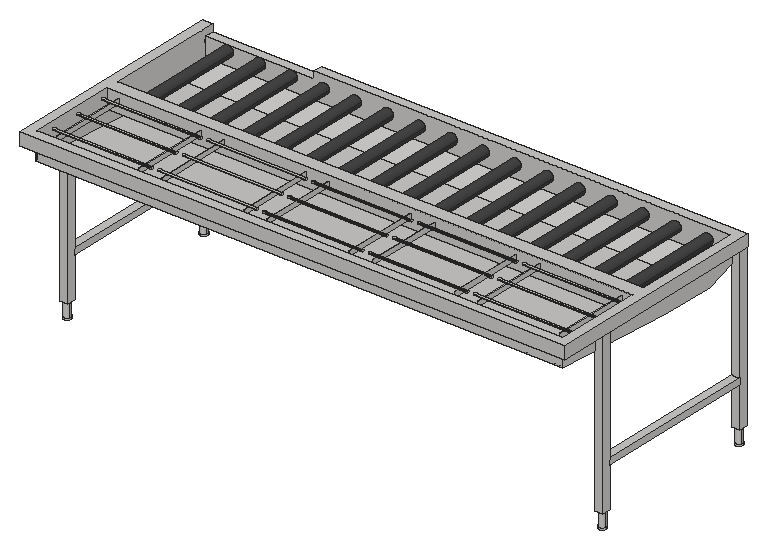
Revit family "QF_ELECTROLUXPROFESSIONAL_865296_HSMSF5RL", category Specialty Equipment, Revit 2018
Family settings
  Round Connector Dimension = Use Diameter
  Part Type = Normal
  Work Plane-Based = No
  Always vertical = Yes
  Cut with Voids When Loaded = No
  Shared = No
  Room Calculation Point = No
Parameters
  Weight = 0.00 kg
  Watts = 0 W
  Volts = 0 V
  URL Manufacturer = ""
  Steam Supply Size = 0 mm
  Steam Supply Minimum Pressure = 0.0 Pa
  Steam Supply Maximum Pressure = 0.0 Pa
  Steam Pounds per Hour = 0
  Refrigeration Suction Line Size = 0 mm
  Refrigeration Liquid Line Size = 0 mm
  Refrigerant Compressor Remote = yes
  Phase = 0
  Length Actual = 0 mm
  Item Number = ""
  Hot Water Size = 0 mm
  Height Actual = 0 mm
  HP = ""
  Gas Size = 0 mm
  Gas KW = 0
  Gas Input Pressure = 0 W
  Depth Actual = 0 mm
  Cycle = 0 Hz
  Condensate Return Size = 0 mm
  Compressed Air Volume = 0.0 L/s
  Compressed Air Size = 0 mm
  Compressed Air Pressure = 0.0 Pa
  Cold Water Size = 0 mm
  Accessory = yes
Reference planes
  plane 1: z = 0
  plane 2 "RIGHT": x = 1320
  plane 3: z = 910
  plane 4: z = 0
  plane 5: z = 300
  plane 6 "BACK": y = 310
  plane 7 "FRONT": y = -800
  plane 8 "LEFT": x = -1320
  plane 9 "Center": x = -1010
Forms (mm)
  Extrusion 1, solid, material "QF_Finishes_Stainless Steel"
    sketch origin (0, 0, 0) x (-1, 0, 0) y (0, -1, 0)
      loop
        line (1320, 800) -> (-1320, 800) -> (-1320, -310) -> (745, -310) -> (745, -265) -> (-1275, -265) -> (-1275, 755) -> (1275, 755) -> (1275, -310) -> (1320, -310) -> (1320, 800)
    from 850.091 to 910
  Extrusion 2, solid, material "QF_Finishes_Stainless Steel"
    sketch origin (0, 0, 0) x (0, 1, 0) y (0, 0, -1)
      loop
        line (-756.248, -850.091) -> (-755, -850.091) -> (-755, -784.848) -> (-131.111, -741.138) -> (130.374, -741.138) -> (265, -784.879) -> (265, -850.091) -> (266.249, -850.091) -> (266.249, -782.13) -> (130.849, -738.138) -> (-131.216, -738.138) -> (-756.248, -781.928) -> (-756.248, -850.091)
    from -1275 to 1275
  Revolve 3, solid, material "QF_Finishes_Stainless Steel"
    sketch origin (-0.025, 0.526, -123.199) x (-1, 0, 0) y (0, 0, -1)
      loop
        line (76.494, -861.337) -> (76.494, -847.59)
        arc (76.494, -847.59) -> (75.89, -845.987) -> (74.39, -845.16) r 2.474
        arc (74.39, -845.16) -> (71.083, -841.301) -> (74.377, -837.43) r 3.913
        arc (74.377, -837.43) -> (75.887, -836.598) -> (76.494, -834.985) r 2.49
        line (76.494, -834.985) -> (76.494, -794.661)
        arc (76.494, -794.661) -> (65.844, -763.962) -> (38.457, -746.476) r 49.516
        line (38.457, -746.476) -> (38.457, -743.987) -> (37.25, -742.336) -> (37.25, -740.749) -> (23.47, -734.749) -> (23.47, -698.838) -> (21.946, -697.377) -> (0, -697.377) -> (0, -861.337) -> (76.494, -861.337)
      axis (0, -861.337) -> (0, -697.377)
    angle from 0 to 360
  Extrusion 4, solid, material "QF_Finishes_Stainless Steel"
    sketch origin (0, 0, 0) x (-1, 0, 0) y (0, -1, 0)
      loop
        line (-1275, 330.124) -> (-1275, 265) -> (1275, 265) -> (1275, 330.124) -> (-1275, 330.124)
    from 820 to 910
  Extrusion 5, solid, material "QF_Finishes_Stainless Steel"
    sketch origin (6.015, 0, -602.691) x (-1, 0, 0) y (0, -1, 0)
      loop
        line (1283.015, -266.249) -> (1323.015, -266.249) -> (1323.015, 521.738) -> (1283.015, 521.738) -> (1283.015, -266.249)
    from 872.691 to 902.691
  Extrusion 6, solid, material "QF_Finishes_Stainless Steel"
    sketch origin (-1277, 0, 0) x (0, 1, 0) y (0, 0, -1)
      loop
        line (-756.248, -781.928) -> (-756.248, -850.091) -> (266.249, -850.091) -> (266.249, -782.13) -> (130.849, -738.138) -> (-131.216, -738.138) -> (-756.248, -781.928)
    from 0 to -2
  Extrusion 7, solid, material "QF_Finishes_Stainless Steel"
    sketch origin (1277, 0, 0) x (0, 1, 0) y (0, 0, 1)
      loop
        line (-756.248, 850.091) -> (-756.248, 781.928) -> (-131.216, 738.138) -> (130.849, 738.138) -> (266.249, 782.13) -> (266.249, 850.091) -> (-756.248, 850.091)
    from 0 to -2
  Extrusion 8, solid, material "QF_Finishes_Stainless Steel"
    sketch origin (-6, 0.054, -598.981) x (1, 0, 0) y (0, 1, 0)
      loop
        line (1283, 266.195) -> (1283, -521.792) -> (1323, -521.792) -> (1323, 266.195) -> (1283, 266.195)
    from 869.081 to 898.981
  Extrusion 9, solid, material "QF_Finishes_Black"
    sketch origin (0, -2.5, 0) x (-1, 0, 0) y (0, 0, 1)
      loop
        circle (1162.5, 850.047) r 25
      loop
        circle (1007.5, 850.047) r 25
      loop
        circle (852.5, 850.047) r 25
      loop
        circle (697.5, 850.047) r 25
      loop
        circle (542.5, 850.047) r 25
      loop
        circle (387.5, 850.047) r 25
      loop
        circle (232.5, 850.047) r 25
      loop
        circle (77.5, 850.047) r 25
      loop
        circle (-77.5, 850.047) r 25
      loop
        circle (-232.5, 850.047) r 25
      loop
        circle (-387.5, 850.047) r 25
      loop
        circle (-542.5, 850.047) r 25
      loop
        circle (-697.5, 850.047) r 25
      loop
        circle (-852.5, 850.047) r 25
      loop
        circle (-1007.5, 850.047) r 25
      loop
        circle (-1162.5, 850.047) r 25
    from -262.5 to 267.5
  Extrusion 10, solid, material "QF_Finishes_Stainless Steel"
    sketch origin (0, -7.263, 2.863) x (-1, 0, 0) y (0, -1, 0)
      loop
        line (-1220.049, 694.438) -> (-1220.049, 322.861) -> (-1217.001, 322.861) -> (-1217.001, 694.438) -> (-1220.049, 694.438)
      loop
        line (-823.039, 694.438) -> (-823.039, 322.861) -> (-819.991, 322.861) -> (-819.991, 694.438) -> (-823.039, 694.438)
      loop
        line (-200.029, 694.438) -> (-200.029, 322.861) -> (-196.981, 322.861) -> (-196.981, 694.438) -> (-200.029, 694.438)
      loop
        line (196.981, 694.438) -> (196.981, 322.861) -> (200.029, 322.861) -> (200.029, 694.438) -> (196.981, 694.438)
      loop
        line (-710.007, 694.438) -> (-710.007, 322.861) -> (-707.023, 322.861) -> (-707.023, 694.438) -> (-710.007, 694.438)
      loop
        line (-312.998, 694.438) -> (-312.998, 322.861) -> (-310.013, 322.861) -> (-310.013, 694.438) -> (-312.998, 694.438)
      loop
        line (1220.049, 694.438) -> (1217.001, 694.438) -> (1217.001, 322.861) -> (1220.049, 322.861) -> (1220.049, 694.438)
      loop
        line (823.039, 694.438) -> (819.991, 694.438) -> (819.991, 322.861) -> (823.039, 322.861) -> (823.039, 694.438)
      loop
        line (710.007, 694.438) -> (707.023, 694.438) -> (707.023, 322.861) -> (710.007, 322.861) -> (710.007, 694.438)
      loop
        line (312.997, 694.438) -> (310.013, 694.438) -> (310.013, 322.861) -> (312.997, 322.861) -> (312.997, 694.438)
    from 860 to 881.896
  Extrusion 11, solid, material "QF_Finishes_Stainless Steel"
    sketch origin (-2327.512, 265, 0) x (0, 1, 0) y (0, 0, 1)
      loop
        circle (-937.158, 888.745) r 3.985
      loop
        circle (-788.819, 888.745) r 3.985
      loop
        circle (-640.48, 888.745) r 3.985
    from 1067.5 to 1547.5
  Extrusion 12, solid, material "QF_Finishes_Stainless Steel"
    sketch origin (-1817.533, 265, 0) x (0, 1, 0) y (0, 0, 1)
      loop
        circle (-937.158, 888.745) r 3.985
      loop
        circle (-788.819, 888.745) r 3.985
      loop
        circle (-640.48, 888.745) r 3.985
    from 1067.5 to 1547.5
  Extrusion 13, solid, material "QF_Finishes_Stainless Steel"
    sketch origin (-1307.491, 265, 0) x (0, 1, 0) y (0, 0, 1)
      loop
        circle (-937.158, 888.745) r 3.985
      loop
        circle (-788.819, 888.745) r 3.985
      loop
        circle (-640.48, 888.745) r 3.985
    from 1067.5 to 1547.5
  Extrusion 14, solid, material "QF_Finishes_Stainless Steel"
    sketch origin (-797.513, 265, 0) x (0, 1, 0) y (0, 0, 1)
      loop
        circle (-937.158, 888.745) r 3.985
      loop
        circle (-788.819, 888.745) r 3.985
      loop
        circle (-640.48, 888.745) r 3.985
    from 1067.5 to 1547.5
  Extrusion 15, solid, material "QF_Finishes_Stainless Steel"
    sketch origin (-287.471, 265, 0) x (0, 1, 0) y (0, 0, 1)
      loop
        circle (-937.158, 888.745) r 3.985
      loop
        circle (-788.819, 888.745) r 3.985
      loop
        circle (-640.48, 888.745) r 3.985
    from 1067.5 to 1547.5
  Extrusion 16, solid, material "QF_Finishes_Stainless Steel"
    sketch origin (-1062.5, 757.022, 0) x (-1, 0, 0) y (0, 0, 1)
      loop
        line (-362.5, 835) -> (-347.5, 820) -> (242.5, 820) -> (257.5, 835) -> (257.5, 850.091) -> (212.5, 850.091) -> (212.5, 875) -> (-317.5, 875) -> (-317.5, 850.091) -> (-362.5, 850.091) -> (-362.5, 835)
    from -450 to -447.022
  Extrusion 17, solid, material "QF_Finishes_Stainless Steel"
    sketch origin (-1275, -2290.751, 0) x (0, 1, 0) y (0, 0, 1)
      loop
        line (2597.773, 875) -> (2557, 875) -> (2557, 872) -> (2597.773, 872) -> (2597.773, 875)
    from 0 to 530
  Extrusion 18, solid, material "QF_Finishes_Stainless Steel"
    sketch origin (-1062.5, 713.272, 0) x (-1, 0, 0) y (0, 0, 1)
      loop
        line (-317.5, 850.091) -> (212.5, 850.091) -> (212.5, 875) -> (-317.5, 875) -> (-317.5, 850.091)
    from -448.272 to -447.022
Cuts and joins
  joined: Extrusion 1, Extrusion 2, Revolve 3, Extrusion 4, Extrusion 6, Extrusion 7, Extrusion 10, Extrusion 11, Extrusion 12, Extrusion 13, Extrusion 14, Extrusion 15, Extrusion 16, Extrusion 17, Extrusion 18
Lines and regions (mm)
  Split face 1
    outline origin (0, -123.728, 741.138) x (0, 1, 0) y (-1, 0, 0)
      loop
        circle (123.685, -0.035) r 73.783
  Split face 2
    outline origin (0, -123.728, 741.138) x (0, 1, 0) y (-1, 0, 0)
      loop
        circle (123.685, -0.035) r 66.01
  Split face 3
    outline origin (0, -123.728, 741.138) x (0, 1, 0) y (-1, 0, 0)
      loop
        circle (123.685, -0.035) r 53.774
  Split face 4
    outline origin (0, -123.728, 741.138) x (0, 1, 0) y (-1, 0, 0)
      loop
        circle (123.685, -0.035) r 50.771
  Split face 5
    outline origin (0, -123.728, 741.138) x (0, 1, 0) y (-1, 0, 0)
      loop
        circle (123.685, -0.035) r 33.793
  Split face 6
    outline origin (0, -123.728, 741.138) x (0, 1, 0) y (-1, 0, 0)
      loop
        circle (123.685, -0.035) r 30.826
  Split face 7
    outline origin (0, -123.728, 741.138) x (0, 1, 0) y (-1, 0, 0)
      loop
        circle (123.685, -0.035) r 13.843
  Split face 8
    outline origin (0, -123.728, 741.138) x (0, 1, 0) y (-1, 0, 0)
      loop
        circle (123.685, -0.035) r 10.833
  symbolic lines
    curve 1: line (-1320, 310, 0) -> (1320, 310, 0)
    curve 2: line (-1320, -800, 0) -> (-1320, 310, 0)
    curve 3: line (1320, -800, 0) -> (-1320, -800, 0)
    curve 4: line (1320, 310, 0) -> (1320, -800, 0)
    curve 5: line (-1275, 265, 0) -> (1275, 265, 0)
    curve 6: line (-1275, -755, 0) -> (-1275, 310, 0)
    curve 7: line (1275, -755, 0) -> (-1275, -755, 0)
    curve 8: line (1275, -265, 0) -> (1275, -755, 0)
    curve 9: line (-1275, -265, 0) -> (1275, -265, 0)
    curve 10: line (1275, -330.124, 0) -> (-1275, -330.124, 0)
    curve 11: line (-1260.012, -371.495, 0) -> (-1260.012, -379.465, 0)
    curve 12: line (-1260.012, -379.465, 0) -> (-780.012, -379.465, 0)
    curve 13: line (-780.012, -379.465, 0) -> (-780.012, -371.495, 0)
    curve 14: line (-780.012, -371.495, 0) -> (-1260.012, -371.495, 0)
    curve 15: line (-1260.012, -519.834, 0) -> (-1260.012, -527.804, 0)
    curve 16: line (-1260.012, -527.804, 0) -> (-780.012, -527.804, 0)
    curve 17: line (-780.012, -527.804, 0) -> (-780.012, -519.834, 0)
    curve 18: line (-780.012, -519.834, 0) -> (-1260.012, -519.834, 0)
    curve 19: line (-1260.012, -668.173, 0) -> (-1260.012, -676.143, 0)
    curve 20: line (-1260.012, -676.143, 0) -> (-780.012, -676.143, 0)
    curve 21: line (-780.012, -676.143, 0) -> (-780.012, -668.173, 0)
    curve 22: line (-780.012, -668.173, 0) -> (-1260.012, -668.173, 0)
    curve 23: line (-1220.049, -330.124, 0) -> (-1220.049, -371.495, 0)
    curve 24: line (-1217.001, -330.124, 0) -> (-1217.001, -371.495, 0)
    curve 25: line (-1220.049, -379.465, 0) -> (-1220.049, -519.834, 0)
    curve 26: line (-1220.049, -701.7, 0) -> (-1220.049, -676.143, 0)
    curve 27: line (-1220.049, -701.7, 0) -> (-1217.001, -701.7, 0)
    curve 28: line (-1217.001, -701.7, 0) -> (-1217.001, -676.143, 0)
    curve 29: line (-1220.049, -668.173, 0) -> (-1220.049, -527.804, 0)
    curve 30: line (-1217.001, -527.804, 0) -> (-1217.001, -668.173, 0)
    curve 31: line (-1217.001, -519.834, 0) -> (-1217.001, -379.465, 0)
    curve 32: line (-823.039, -330.124, 0) -> (-823.039, -371.495, 0)
    curve 33: line (-819.992, -330.124, 0) -> (-819.992, -371.495, 0)
    curve 34: line (-823.039, -379.465, 0) -> (-823.039, -519.834, 0)
    curve 35: line (-823.039, -701.7, 0) -> (-823.039, -676.143, 0)
    curve 36: line (-823.039, -701.7, 0) -> (-819.992, -701.7, 0)
    curve 37: line (-819.992, -701.7, 0) -> (-819.992, -676.143, 0)
    curve 38: line (-823.039, -668.173, 0) -> (-823.039, -527.804, 0)
    curve 39: line (-819.992, -527.804, 0) -> (-819.992, -668.173, 0)
    curve 40: line (-819.992, -519.834, 0) -> (-819.992, -379.465, 0)
    curve 41: line (-750.033, -371.495, 0) -> (-750.033, -379.465, 0)
    curve 42: line (-750.033, -379.465, 0) -> (-270.033, -379.465, 0)
    curve 43: line (-270.033, -379.465, 0) -> (-270.033, -371.495, 0)
    curve 44: line (-270.033, -371.495, 0) -> (-750.033, -371.495, 0)
    curve 45: line (-750.033, -519.834, 0) -> (-750.033, -527.804, 0)
    curve 46: line (-750.033, -527.804, 0) -> (-270.033, -527.804, 0)
    curve 47: line (-270.033, -527.804, 0) -> (-270.033, -519.834, 0)
    curve 48: line (-270.033, -519.834, 0) -> (-750.033, -519.834, 0)
    curve 49: line (-750.033, -668.173, 0) -> (-750.033, -676.143, 0)
    curve 50: line (-750.033, -676.143, 0) -> (-270.033, -676.143, 0)
    curve 51: line (-270.033, -676.143, 0) -> (-270.033, -668.173, 0)
    curve 52: line (-270.033, -668.173, 0) -> (-750.033, -668.173, 0)
    curve 53: line (-710.071, -330.124, 0) -> (-710.071, -371.495, 0)
    curve 54: line (-707.023, -330.124, 0) -> (-707.023, -371.495, 0)
    curve 55: line (-710.071, -379.465, 0) -> (-710.071, -519.834, 0)
    curve 56: line (-710.071, -701.7, 0) -> (-710.071, -676.143, 0)
    curve 57: line (-710.071, -701.7, 0) -> (-707.023, -701.7, 0)
    curve 58: line (-707.023, -701.7, 0) -> (-707.023, -676.143, 0)
    curve 59: line (-710.071, -668.173, 0) -> (-710.071, -527.804, 0)
    curve 60: line (-707.023, -527.804, 0) -> (-707.023, -668.173, 0)
    curve 61: line (-707.023, -519.834, 0) -> (-707.023, -379.465, 0)
    curve 62: line (-313.061, -330.124, 0) -> (-313.061, -371.495, 0)
    curve 63: line (-310.013, -330.124, 0) -> (-310.013, -371.495, 0)
    curve 64: line (-313.061, -379.465, 0) -> (-313.061, -519.834, 0)
    curve 65: line (-313.061, -701.7, 0) -> (-313.061, -676.143, 0)
    curve 66: line (-313.061, -701.7, 0) -> (-310.013, -701.7, 0)
    curve 67: line (-310.013, -701.7, 0) -> (-310.013, -676.143, 0)
    curve 68: line (-313.061, -668.173, 0) -> (-313.061, -527.804, 0)
    curve 69: line (-310.013, -527.804, 0) -> (-310.013, -668.173, 0)
    curve 70: line (-310.013, -519.834, 0) -> (-310.013, -379.465, 0)
    curve 71: line (-239.991, -371.495, 0) -> (-239.991, -379.465, 0)
    curve 72: line (-239.991, -379.465, 0) -> (240.009, -379.465, 0)
    curve 73: line (240.009, -379.465, 0) -> (240.009, -371.495, 0)
    curve 74: line (240.009, -371.495, 0) -> (-239.991, -371.495, 0)
    curve 75: line (-239.991, -519.834, 0) -> (-239.991, -527.804, 0)
    curve 76: line (-239.991, -527.804, 0) -> (240.009, -527.804, 0)
    curve 77: line (240.009, -527.804, 0) -> (240.009, -519.834, 0)
    curve 78: line (240.009, -519.834, 0) -> (-239.991, -519.834, 0)
    curve 79: line (-239.991, -668.173, 0) -> (-239.991, -676.143, 0)
    curve 80: line (-239.991, -676.143, 0) -> (240.009, -676.143, 0)
    curve 81: line (240.009, -676.143, 0) -> (240.009, -668.173, 0)
    curve 82: line (240.009, -668.173, 0) -> (-239.991, -668.173, 0)
    curve 83: line (-200.029, -330.124, 0) -> (-200.029, -371.495, 0)
    curve 84: line (-196.981, -330.124, 0) -> (-196.981, -371.495, 0)
    curve 85: line (-200.029, -379.465, 0) -> (-200.029, -519.834, 0)
    curve 86: line (-200.029, -701.7, 0) -> (-200.029, -676.143, 0)
    curve 87: line (-200.029, -701.7, 0) -> (-196.981, -701.7, 0)
    curve 88: line (-196.981, -701.7, 0) -> (-196.981, -676.143, 0)
    curve 89: line (-200.029, -668.173, 0) -> (-200.029, -527.804, 0)
    curve 90: line (-196.981, -527.804, 0) -> (-196.981, -668.173, 0)
    curve 91: line (-196.981, -519.834, 0) -> (-196.981, -379.465, 0)
    curve 92: line (196.981, -330.124, 0) -> (196.981, -371.495, 0)
    curve 93: line (200.029, -330.124, 0) -> (200.029, -371.495, 0)
    curve 94: line (196.981, -379.465, 0) -> (196.981, -519.834, 0)
    curve 95: line (196.981, -701.7, 0) -> (196.981, -676.143, 0)
    curve 96: line (196.981, -701.7, 0) -> (200.029, -701.7, 0)
    curve 97: line (200.029, -701.7, 0) -> (200.029, -676.143, 0)
    curve 98: line (196.981, -668.173, 0) -> (196.981, -527.804, 0)
    curve 99: line (200.029, -527.804, 0) -> (200.029, -668.173, 0)
    curve 100: line (200.029, -519.834, 0) -> (200.029, -379.465, 0)
    curve 101: line (269.987, -371.495, 0) -> (269.987, -379.465, 0)
    curve 102: line (269.987, -379.465, 0) -> (749.987, -379.465, 0)
    curve 103: line (749.987, -379.465, 0) -> (749.987, -371.495, 0)
    curve 104: line (749.987, -371.495, 0) -> (269.987, -371.495, 0)
    curve 105: line (269.987, -519.834, 0) -> (269.987, -527.804, 0)
    curve 106: line (269.987, -527.804, 0) -> (749.987, -527.804, 0)
    curve 107: line (749.987, -527.804, 0) -> (749.987, -519.834, 0)
    curve 108: line (749.987, -519.834, 0) -> (269.987, -519.834, 0)
    curve 109: line (269.987, -668.173, 0) -> (269.987, -676.143, 0)
    curve 110: line (269.987, -676.143, 0) -> (749.987, -676.143, 0)
    curve 111: line (749.987, -676.143, 0) -> (749.987, -668.173, 0)
    curve 112: line (749.987, -668.173, 0) -> (269.987, -668.173, 0)
    curve 113: line (309.95, -330.124, 0) -> (309.95, -371.495, 0)
    curve 114: line (312.998, -330.124, 0) -> (312.998, -371.495, 0)
    curve 115: line (309.95, -379.465, 0) -> (309.95, -519.834, 0)
    curve 116: line (309.95, -701.7, 0) -> (309.95, -676.143, 0)
    curve 117: line (309.95, -701.7, 0) -> (312.998, -701.7, 0)
    curve 118: line (312.998, -701.7, 0) -> (312.998, -676.143, 0)
    curve 119: line (309.95, -668.173, 0) -> (309.95, -527.804, 0)
    curve 120: line (312.998, -527.804, 0) -> (312.998, -668.173, 0)
    curve 121: line (312.998, -519.834, 0) -> (312.998, -379.465, 0)
    curve 122: line (706.959, -330.124, 0) -> (706.959, -371.495, 0)
    curve 123: line (710.007, -330.124, 0) -> (710.007, -371.495, 0)
    curve 124: line (706.959, -379.465, 0) -> (706.959, -519.834, 0)
    curve 125: line (706.959, -701.7, 0) -> (706.959, -676.143, 0)
    curve 126: line (706.959, -701.7, 0) -> (710.007, -701.7, 0)
    curve 127: line (710.007, -701.7, 0) -> (710.007, -676.143, 0)
    curve 128: line (706.959, -668.173, 0) -> (706.959, -527.804, 0)
    curve 129: line (710.007, -527.804, 0) -> (710.007, -668.173, 0)
    curve 130: line (710.007, -519.834, 0) -> (710.007, -379.465, 0)
    curve 131: line (780.029, -371.495, 0) -> (780.029, -379.465, 0)
    curve 132: line (780.029, -379.465, 0) -> (1260.029, -379.465, 0)
    curve 133: line (1260.029, -379.465, 0) -> (1260.029, -371.495, 0)
    curve 134: line (1260.029, -371.495, 0) -> (780.029, -371.495, 0)
    curve 135: line (780.029, -519.834, 0) -> (780.029, -527.804, 0)
    curve 136: line (780.029, -527.804, 0) -> (1260.029, -527.804, 0)
    curve 137: line (1260.029, -527.804, 0) -> (1260.029, -519.834, 0)
    curve 138: line (1260.029, -519.834, 0) -> (780.029, -519.834, 0)
    curve 139: line (780.029, -668.173, 0) -> (780.029, -676.143, 0)
    curve 140: line (780.029, -676.143, 0) -> (1260.029, -676.143, 0)
    curve 141: line (1260.029, -676.143, 0) -> (1260.029, -668.173, 0)
    curve 142: line (1260.029, -668.173, 0) -> (780.029, -668.173, 0)
    curve 143: line (819.991, -330.124, 0) -> (819.991, -371.495, 0)
    curve 144: line (823.039, -330.124, 0) -> (823.039, -371.495, 0)
    curve 145: line (819.991, -379.465, 0) -> (819.991, -519.834, 0)
    curve 146: line (819.991, -701.7, 0) -> (819.991, -676.143, 0)
    curve 147: line (819.991, -701.7, 0) -> (823.039, -701.7, 0)
    curve 148: line (823.039, -701.7, 0) -> (823.039, -676.143, 0)
    curve 149: line (819.991, -668.173, 0) -> (819.991, -527.804, 0)
    curve 150: line (823.039, -527.804, 0) -> (823.039, -668.173, 0)
    curve 151: line (823.039, -519.834, 0) -> (823.039, -379.465, 0)
    curve 152: line (1217.001, -330.124, 0) -> (1217.001, -371.495, 0)
    curve 153: line (1220.049, -330.124, 0) -> (1220.049, -371.495, 0)
    curve 154: line (1217.001, -379.465, 0) -> (1217.001, -519.834, 0)
    curve 155: line (1217.001, -701.7, 0) -> (1217.001, -676.143, 0)
    curve 156: line (1217.001, -701.7, 0) -> (1220.049, -701.7, 0)
    curve 157: line (1220.049, -701.7, 0) -> (1220.049, -676.143, 0)
    curve 158: line (1217.001, -668.173, 0) -> (1217.001, -527.804, 0)
    curve 159: line (1220.049, -527.804, 0) -> (1220.049, -668.173, 0)
    curve 160: line (1220.049, -519.834, 0) -> (1220.049, -379.465, 0)
    curve 161: line (-1187.5, 265, 0) -> (-1187.5, -265, 0)
    curve 162: line (-1137.5, -265, 0) -> (-1137.5, 265, 0)
    curve 163: line (-1032.5, 265, 0) -> (-1032.5, -265, 0)
    curve 164: line (-982.5, -265, 0) -> (-982.5, 265, 0)
    curve 165: line (-877.5, 265, 0) -> (-877.5, -265, 0)
    curve 166: line (-827.5, -265, 0) -> (-827.5, 265, 0)
    curve 167: line (-722.5, 265, 0) -> (-722.5, -265, 0)
    curve 168: line (-672.5, -265, 0) -> (-672.5, 265, 0)
    curve 169: line (-567.5, 265, 0) -> (-567.5, -265, 0)
    curve 170: line (-517.5, -265, 0) -> (-517.5, 265, 0)
    curve 171: line (-412.5, 265, 0) -> (-412.5, -265, 0)
    curve 172: line (-362.5, -265, 0) -> (-362.5, 265, 0)
    curve 173: line (-257.5, 265, 0) -> (-257.5, -265, 0)
    curve 174: line (-207.5, -265, 0) -> (-207.5, 265, 0)
    curve 175: line (-102.5, 265, 0) -> (-102.5, -265, 0)
    curve 176: line (-52.5, -265, 0) -> (-52.5, 265, 0)
    curve 177: line (52.5, 265, 0) -> (52.5, -265, 0)
    curve 178: line (102.5, -265, 0) -> (102.5, 265, 0)
    curve 179: line (207.5, 265, 0) -> (207.5, -265, 0)
    curve 180: line (257.5, -265, 0) -> (257.5, 265, 0)
    curve 181: line (362.5, 265, 0) -> (362.5, -265, 0)
    curve 182: line (412.5, -265, 0) -> (412.5, 265, 0)
    curve 183: line (517.5, 265, 0) -> (517.5, -265, 0)
    curve 184: line (567.5, -265, 0) -> (567.5, 265, 0)
    curve 185: line (672.5, 265, 0) -> (672.5, -265, 0)
    curve 186: line (722.5, -265, 0) -> (722.5, 265, 0)
    curve 187: line (827.5, 265, 0) -> (827.5, -265, 0)
    curve 188: line (877.5, -265, 0) -> (877.5, 265, 0)
    curve 189: line (982.5, 265, 0) -> (982.5, -265, 0)
    curve 190: line (1032.5, -265, 0) -> (1032.5, 265, 0)
    curve 191: line (1137.5, 265, 0) -> (1137.5, -265, 0)
    curve 192: line (1187.5, -265, 0) -> (1187.5, 265, 0)
    curve 193: line (1275, 265, 0) -> (1275, -265, 0)
    curve 194: line (-745, 265, 0) -> (-745, 310, 0)
    curve 195: line (-1010, 310, 0) -> (-1010, 280, 0)
    curve 196: arc (76.471, 0.526, 0) -> (-0.025, -75.97, 0) -> (-76.521, 0.526, 0) r 76.496
    curve 197: arc (-76.521, 0.526, 0) -> (-0.025, 77.021, 0) -> (76.471, 0.526, 0) r 76.496
    curve 198: arc (21.921, 0.526, 0) -> (-0.025, 22.472, 0) -> (-21.971, 0.526, 0) r 21.946
    curve 199: arc (-21.971, 0.526, 0) -> (-0.025, -21.421, 0) -> (21.921, 0.526, 0) r 21.946
Dimensions and locks
  plane 3 to level = 910 mm
  plane 8 "LEFT" to plane 2 "RIGHT" = 2640 mm
  aligned and locked: level to plane 1
Nested families
  nested 1: "Foot_40x40" at (-1297, -541.738, 0), type "Foot_40x40"
    with A 850.091 mm
  nested 2: "Foot_40x40" at (-1297, 286.249, 0), type "Foot_40x40"
    with A 850.091 mm
  nested 3: "Foot_40x40" at (1297, 286.249, 0), type "Foot_40x40"
    with A 850.091 mm
  nested 4: "Foot_40x40" at (1297, -541.738, 0), type "Foot_40x40"
    with A 850.091 mm
Connectors
  piping at (-0.025, 0.526, 574.178), diameter 30
    settings: on cut or joined group of Extrusion 1, Extrusion 2, Revolve 3, Extrusion 4, Extrusion 6, Extrusion 7, Extrusion 10, Extrusion 11, Extrusion 12, Extrusion 13, Extrusion 14, Extrusion 15, Extrusion 16, Extrusion 17, Extrusion 18, index 1, connector inside diameter 609.6 mm, connector length 0 mm, flow factor 0, pipe flow 0.0 L/s, pressure drop 0.0 Pa, fitting loss kfactor 0, connector angle 0.00°, fixture units 0, engagement length 0 mm, angle of deflection 0.00°, flow configuration 1, flow direction 2, fitting loss method 0, system type 16, joint type 0, gender type 0, connector reference index -1, connector utility 0, adjustable connector no, is connector primary yes, connector description "Drain"
Definition of nested family "Foot_40x40"
  Parameters
    A [instance] = 850 mm
  Reference planes
    plane 1 "Centro (Fronte/Retro)": y = 0
    plane 2: z = 0
    plane 3 "Centro (Sinistra/Destra)": x = 0
    plane 4: z = 850
  Forms (mm)
    Extrusion 1, solid
      sketch origin (0, 0, 0) x (1, 0, 0) y (0, 1, 0)
        loop
          circle (0, 0) r 18
      from 0 to 5
    Extrusion 2, solid
      sketch origin (0, 0, 5) x (1, 0, 0) y (0, 1, 0)
        loop
          circle (0, 0) r 15
      from 0 to 70
    Extrusion 3, solid
      sketch origin (0, 0, 75) x (1, 0, 0) y (0, 1, 0)
        loop
          line (-20, 20) -> (-20, -20) -> (20, -20) -> (20, 20) -> (-20, 20)
      from 0 to 775
  Dimensions and locks
    "A": plane 4 to plane 2
    aligned and locked: level to plane 2
    aligned and locked: plane 4 to Extrusion 3
    aligned and locked: Extrusion 1 to level
  Automatic sketch dimensions
    plane 1 "Centro (Fronte/Retro)" to Extrusion 1 sketch curve = 0 mm
    Extrusion 1 sketch curve to plane 3 "Centro (Sinistra/Destra)" = 0 mm
    Extrusion 3 sketch curve to Extrusion 3 sketch curve = 40 mm  (x2)
    radius of Extrusion 1 sketch curve = 18 mm
    radius of Extrusion 2 sketch curve to Extrusion 1 = 3 mm
